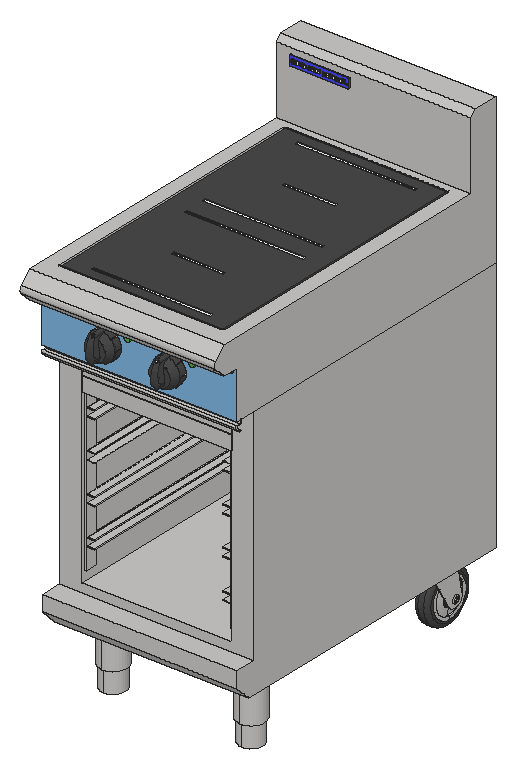
Revit family "QF_Moffat_IN512R5-CB_Induction_Cooktop_cat", category Specialty Equipment, Revit 2019
Family settings
  Round Connector Dimension = Use Diameter
  Part Type = Normal
  Work Plane-Based = No
  Always vertical = Yes
  Cut with Voids When Loaded = No
  Shared = No
  Room Calculation Point = No
Parameters (values of type "IN512R5-CB")
  Weight in Kilograms = 88
  Watts = 5810 W
  Volts = 415 V
  URL Cutsheet = ""
  Specification by User = ""
  Specification by Manufacturer = ""
  Show Logo [instance] = yes
  Show Legs [instance] = not(Show Castors)  # no
  Show Castors [instance] = yes
  Serial Number = ""
  Seismic Rating = ""
  SMACNA No = ""
  Revision Code = ""
  Phase = 3
  Number of Poles = 1
  NAFEM Spec ID Number = ""
  Model = "IN512R5-CB"
  Min Ckt Ampacity = 0 A
  Max Overcurrent Protection = 0 A
  Masterspec = ""
  Manufacturer = "Moffat"
  Length = 450 mm
  Item Number = ""
  Installed By = ""
  Identify Quantity as Lot = yes
  Height = 1085 mm
  HP = ""
  Furnished By = ""
  Foodservice Equipment Identifier = yes
  FL Amps = 14 A
  Electrical Remarks = ""
  Electric Connection Type = ""
  Elec Conn RI Height = 0 mm
  Elec Conn Connection Height = 0 mm
  Description = "Induction Cooktop"
  Depth = 812.2 mm
  Cycle = 60 Hz
  Conn Plug = ""
  Conn Conduit = yes
  CSI MasterFormat = ""
  Apparent Power = if(Phase = 3, Volts * FL Amps * 1.73, Volts * FL Amps)  # 10051.3 VA
Reference planes
  plane 1 "BACK": y = 0
  plane 2: z = 0
  plane 3 "LEFT": x = 0
  plane 4 "RIGHT": x = 450
  plane 5 "FRONT": y = -812.2
  plane 6 "TOP": z = 1085
  plane 7 "Center Y": x = 225
  plane 8 "Center X": y = -406.1
  plane 9: x = 65.5
  plane 10: x = 384.5
  plane 11: y = -30
  plane 12: x = 320
  plane 13: z = 635
  plane 14: y = -100
  plane 15: y = -625
  plane 16: z = 150
Forms (mm)
  Extrusion 1, solid, material "QF_Metal_Stainless_Polished"
    sketch origin (0, 0, 560) x (0, 1, 0) y (0, 0, 1)
      loop
        line (0, 180) -> (0, 525) -> (-57, 525) -> (-70, 512) -> (-70, 354.5) -> (-784.171, 354.5) -> (-808.685, 329.985)
        arc (-808.685, 329.985) -> (-812.2, 321.5) -> (-808.685, 313.015) r 12
        line (-808.685, 313.015) -> (-785.171, 289.5) -> (-749, 289.5) -> (-749, 180) -> (0, 180)
    from 0 to 450
  Extrusion 2, void
    sketch origin (0, -784.171, 914.5) x (0, 1, 0) y (-1, 0, 0)
      loop
        arc (696.671, -39.5) -> (694.913, -35.257) -> (690.671, -33.5) r 6
        line (690.671, -33.5) -> (44.671, -33.5)
        arc (44.671, -33.5) -> (40.428, -35.257) -> (38.671, -39.5) r 6
        line (38.671, -39.5) -> (38.671, -410.5)
        arc (38.671, -410.5) -> (40.428, -414.743) -> (44.671, -416.5) r 6
        line (44.671, -416.5) -> (690.671, -416.5)
        arc (690.671, -416.5) -> (694.913, -414.743) -> (696.671, -410.5) r 6
        line (696.671, -410.5) -> (696.671, -39.5)
    from 0 to -9.5
  Extrusion 3, solid, material "QF_Plastic_White_Smooth"
    sketch origin (0, -784.171, 905) x (0, 1, 0) y (-1, 0, 0)
      loop
        line (660.921, -362.5) -> (666.921, -362.5) -> (666.921, -87.5) -> (660.921, -87.5) -> (660.921, -362.5)
      loop
        line (532.421, -165) -> (526.421, -165) -> (526.421, -285) -> (532.421, -285) -> (532.421, -165)
      loop
        line (397.921, -87.5) -> (391.921, -87.5) -> (391.921, -362.5) -> (397.921, -362.5) -> (397.921, -87.5)
      loop
        line (337.421, -362.5) -> (343.421, -362.5) -> (343.421, -87.5) -> (337.421, -87.5) -> (337.421, -362.5)
      loop
        line (208.921, -165) -> (202.921, -165) -> (202.921, -285) -> (208.921, -285) -> (208.921, -165)
      loop
        line (68.421, -362.5) -> (74.421, -362.5) -> (74.421, -87.5) -> (68.421, -87.5) -> (68.421, -362.5)
    from 0 to 9.5
  Extrusion 4, solid, material "QF_Plastic_Black_Smooth"
    sketch origin (0, -784.171, 914.5) x (0, 1, 0) y (-1, 0, 0)
      loop
        line (692.671, -410.5) -> (692.671, -39.5)
        arc (692.671, -39.5) -> (692.085, -38.086) -> (690.671, -37.5) r 2
        line (690.671, -37.5) -> (44.671, -37.5)
        arc (44.671, -37.5) -> (43.256, -38.086) -> (42.671, -39.5) r 2
        line (42.671, -39.5) -> (42.671, -410.5)
        arc (42.671, -410.5) -> (43.256, -411.914) -> (44.671, -412.5) r 2
        line (44.671, -412.5) -> (690.671, -412.5)
        arc (690.671, -412.5) -> (692.085, -411.914) -> (692.671, -410.5) r 2
      loop
        line (666.921, -362.5) -> (666.921, -87.5) -> (660.921, -87.5) -> (660.921, -362.5) -> (666.921, -362.5)
      loop
        line (532.421, -285) -> (532.421, -165) -> (526.421, -165) -> (526.421, -285) -> (532.421, -285)
      loop
        line (391.921, -87.5) -> (391.921, -362.5) -> (397.921, -362.5) -> (397.921, -87.5) -> (391.921, -87.5)
      loop
        line (343.421, -87.5) -> (337.421, -87.5) -> (337.421, -362.5) -> (343.421, -362.5) -> (343.421, -87.5)
      loop
        line (202.921, -285) -> (208.921, -285) -> (208.921, -165) -> (202.921, -165) -> (202.921, -285)
      loop
        line (68.421, -362.5) -> (74.421, -362.5) -> (74.421, -87.5) -> (68.421, -87.5) -> (68.421, -362.5)
    from 0 to -9.5
  Extrusion 5, solid, material "QF_Metal_Stainless_Polished"
    sketch origin (0, 0, 600) x (0, 1, 0) y (0, 0, 1)
      loop
        line (-737.8, 140) -> (-737.8, 130) -> (-747.305, 130)
        arc (-747.305, 130) -> (-750.276, 128.015) -> (-749.579, 124.511) r 3.215
        line (-749.579, 124.511) -> (-739.05, 113.982) -> (-737.919, 115.113) -> (-748.447, 125.642)
        arc (-748.447, 125.642) -> (-748.797, 127.403) -> (-747.305, 128.4) r 1.615
        line (-747.305, 128.4) -> (-736.2, 128.4) -> (-736.2, 140) -> (-737.8, 140)
    from 0 to 450
  Extrusion 6, solid, material "QF_Plastic_Black_Smooth"
    sketch origin (0, -749, 743.875) x (0, 0, 1) y (-1, 0, 0)
      loop
        circle (97.343, -13.157) r 5
      loop
        circle (97.343, -436.843) r 5
      loop
        circle (97.343, -150) r 5
      loop
        circle (97.343, -300) r 5
    from 0 to 1.6
  Extrusion 7, solid, material "QF_Metal_Stainless_Polished"
    sketch origin (0, -699, 640) x (0, 1, 0) y (1, 0, 0)
      loop
        circle (669, 320) r 6.35
    from 0 to 1.6
  Extrusion 8, solid, material "QF_Metal_Stainless_Polished"
    sketch origin (0, -699, 645) x (1, 0, 0) y (0, -1, 0)
      loop
        line (0, -699) -> (450, -699) -> (450, 0) -> (399.2, 0) -> (399.2, -25.4) -> (50.8, -25.4) -> (50.8, 0) -> (0, 0) -> (0, -699)
    from 5 to -95
  Extrusion 9, solid, material "QF_Metal_Stainless_Polished"
    sketch origin (50.8, -30, 645) x (0, 1, 0) y (0, 0, 1)
      loop
        line (-669, -5) -> (-643.6, -5) -> (-643.6, 27.7) -> (-669, 27.7) -> (-669, -5)
      loop
        line (-669, 28.7) -> (-643.6, 28.7) -> (-643.6, 61.4) -> (-669, 61.4) -> (-669, 28.7)
      loop
        line (-669, 62.4) -> (-643.6, 62.4) -> (-643.6, 95) -> (-669, 95) -> (-669, 62.4)
    from 0 to 348.4
  Revolve 10, solid, material "QF_Metal_Stainless_Polished"
    sketch origin (65.5, -4572, 255.2) x (0, 0, -1) y (0, -1, 0)
      loop
        line (255.2, -3974.5) -> (255.2, -3947) -> (105.2, -3947) -> (105.2, -3978.75) -> (205.2, -3978.75) -> (205.2, -3974.5) -> (255.2, -3974.5)
      axis (105.2, -3947) -> (255.2, -3947)
    angle from 0 to 360
  Revolve 11, solid, material "QF_Metal_Stainless_Polished"
    sketch origin (384.5, -4572, 255.2) x (0, 0, -1) y (0, 1, 0)
      loop
        line (255.2, 3974.5) -> (205.2, 3974.5) -> (205.2, 3978.75) -> (105.2, 3978.75) -> (105.2, 3947) -> (255.2, 3947) -> (255.2, 3974.5)
      axis (105.2, 3947) -> (255.2, 3947)
    angle from 0 to 360
  Extrusion 12, solid, material "QF_Metal_Stainless_Polished"
    sketch origin (0, 0, 0) x (0, 1, 0) y (0, 0, 1)
      loop
        line (-50.8, 150) -> (-50.8, 242.5) -> (-699, 242.5) -> (-699, 222.5) -> (-747.95, 222.5) -> (-747.95, 186) -> (-711.95, 150) -> (-50.8, 150)
    from 0 to 450
  Extrusion 13, solid, material "QF_Metal_Stainless_Polished"
    sketch origin (-6096, 120, 150) x (0, 1, 0) y (-1, 0, 0)
      loop
        line (-120, -6096) -> (-819, -6096) -> (-819, -6146.8) -> (-170.8, -6146.8) -> (-170.8, -6495.2) -> (-819, -6495.2) -> (-819, -6546) -> (-120, -6546) -> (-120, -6096)
    from 0 to 490
  Extrusion 14, solid, material "QF_Metal_Stainless_Polished"
    sketch origin (50.8, -50.8, 460) x (0, 0, 1) y (1, 0, 0)
      loop
        line (127.5, 25.4) -> (127.5, 6.4) -> (147.5, 6.4) -> (147.5, 25.4) -> (145.9, 25.4) -> (145.9, 8) -> (129.1, 8) -> (129.1, 25.4) -> (127.5, 25.4)
      loop
        line (37.5, 25.4) -> (37.5, 6.4) -> (57.5, 6.4) -> (57.5, 25.4) -> (55.9, 25.4) -> (55.9, 8) -> (39.1, 8) -> (39.1, 25.4) -> (37.5, 25.4)
      loop
        line (-52.5, 25.4) -> (-52.5, 6.4) -> (-32.5, 6.4) -> (-32.5, 25.4) -> (-34.1, 25.4) -> (-34.1, 8) -> (-50.9, 8) -> (-50.9, 25.4) -> (-52.5, 25.4)
      loop
        line (-142.5, 25.4) -> (-142.5, 6.4) -> (-122.5, 6.4) -> (-122.5, 25.4) -> (-124.1, 25.4) -> (-124.1, 8) -> (-140.9, 8) -> (-140.9, 25.4) -> (-142.5, 25.4)
    from 0 to -641.85
  Extrusion 15, solid, material "QF_Metal_Stainless_Polished"
    sketch origin (50.8, 44.437, 150) x (0, 1, 0) y (0, 0, 1)
      loop
        line (-95.237, 488.4) -> (-120.637, 488.4) -> (-120.637, 117.5) -> (-95.237, 117.5) -> (-95.237, 488.4)
      loop
        line (-709.687, 117.5) -> (-709.687, 490) -> (-737.087, 490) -> (-737.087, 117.5) -> (-709.687, 117.5)
    from 0 to 6.4
  Extrusion 16, solid, material "QF_Metal_Stainless_Polished"
    sketch origin (50.8, -50.8, 460) x (0, 0, 1) y (1, 0, 0)
      loop
        line (127.5, 323) -> (129.1, 323) -> (129.1, 340.4) -> (145.9, 340.4) -> (145.9, 323) -> (147.5, 323) -> (147.5, 342) -> (127.5, 342) -> (127.5, 323)
      loop
        line (37.5, 323) -> (39.1, 323) -> (39.1, 340.4) -> (55.9, 340.4) -> (55.9, 323) -> (57.5, 323) -> (57.5, 342) -> (37.5, 342) -> (37.5, 323)
      loop
        line (-52.5, 323) -> (-50.9, 323) -> (-50.9, 340.4) -> (-34.1, 340.4) -> (-34.1, 323) -> (-32.5, 323) -> (-32.5, 342) -> (-52.5, 342) -> (-52.5, 323)
      loop
        line (-142.5, 323) -> (-140.9, 323) -> (-140.9, 340.4) -> (-124.1, 340.4) -> (-124.1, 323) -> (-122.5, 323) -> (-122.5, 342) -> (-142.5, 342) -> (-142.5, 323)
    from 0 to -641.85
  Extrusion 17, solid, material "QF_Metal_Stainless_Polished"
    sketch origin (399.2, 44.437, 150) x (0, 1, 0) y (0, 0, -1)
      loop
        line (-95.237, -488.4) -> (-95.237, -117.5) -> (-120.637, -117.5) -> (-120.637, -488.4) -> (-95.237, -488.4)
      loop
        line (-709.687, -117.5) -> (-737.087, -117.5) -> (-737.087, -490) -> (-709.687, -490) -> (-709.687, -117.5)
    from 0 to 6.4
  Revolve 18, solid, material "QF_Metal_Stainless_Polished", visible <- "Show Legs"
    sketch origin (65.5, -4047, 255.2) x (0, 0, -1) y (0, -1, 0)
      loop
        line (255.2, -3974.5) -> (255.2, -3947) -> (105.2, -3947) -> (105.2, -3978.75) -> (205.2, -3978.75) -> (205.2, -3974.5) -> (255.2, -3974.5)
      axis (105.2, -3947) -> (255.2, -3947)
    angle from 0 to 360
  Revolve 19, solid, material "QF_Metal_Stainless_Polished", visible <- "Show Legs"
    sketch origin (384.5, -4047, 255.2) x (0, 0, -1) y (0, 1, 0)
      loop
        line (255.2, 3974.5) -> (205.2, 3974.5) -> (205.2, 3978.75) -> (105.2, 3978.75) -> (105.2, 3947) -> (255.2, 3947) -> (255.2, 3974.5)
      axis (105.2, 3947) -> (255.2, 3947)
    angle from 0 to 360
  Extrusion 20, solid, material "QF_Paint_Green"
    sketch origin (65.731, -749, 740) x (0, 0, 1) y (-1, 0, 0)
      loop
        circle (84.8, -282.5) r 7.15
    from 0 to 1.6
  Extrusion 21, solid, material "QF_Paint_Green"
    sketch origin (-84.269, -749, 740) x (0, 0, 1) y (-1, 0, 0)
      loop
        circle (84.8, -282.5) r 7.15
    from 0 to 1.6
Cuts and joins
  Extrusion 2 cuts Extrusion 1
  joined: Revolve 10, Revolve 11
  joined: Extrusion 8, Extrusion 12, Extrusion 13
Lines and regions (mm)
  symbolic lines
    curve 1: line (0, 0, 0) -> (450, 0, 0)
    curve 2: line (0, -812.2, 0) -> (0, 0, 0)
    curve 3: line (450, -812.2, 0) -> (0, -812.2, 0)
    curve 4: line (450, 0, 0) -> (450, -812.2, 0)
    curve 5: line (0, -784.171, 0) -> (450, -784.171, 0)
    curve 6: line (0, -57, 0) -> (450, -57, 0)
    curve 7: line (0, -70, 0) -> (450, -70, 0)
    curve 8: line (39.5, -87.5, 0) -> (410.5, -87.5, 0)
    curve 9: arc (410.5, -87.5, 0) -> (414.743, -89.257, 0) -> (416.5, -93.5, 0) r 6
    curve 10: line (416.5, -93.5, 0) -> (416.5, -739.5, 0)
    curve 11: arc (416.5, -739.5, 0) -> (414.743, -743.743, 0) -> (410.5, -745.5, 0) r 6
    curve 12: line (410.5, -745.5, 0) -> (39.5, -745.5, 0)
    curve 13: arc (39.5, -745.5, 0) -> (35.257, -743.743, 0) -> (33.5, -739.5, 0) r 6
    curve 14: line (33.5, -739.5, 0) -> (33.5, -93.5, 0)
    curve 15: arc (33.5, -93.5, 0) -> (35.257, -89.257, 0) -> (39.5, -87.5, 0) r 6
    curve 16: line (410.5, -91.5, 0) -> (39.5, -91.5, 0)
    curve 17: arc (39.5, -91.5, 0) -> (38.086, -92.086, 0) -> (37.5, -93.5, 0) r 2
    curve 18: line (37.5, -93.5, 0) -> (37.5, -739.5, 0)
    curve 19: arc (37.5, -739.5, 0) -> (38.086, -740.914, 0) -> (39.5, -741.5, 0) r 2
    curve 20: line (39.5, -741.5, 0) -> (410.5, -741.5, 0)
    curve 21: arc (410.5, -741.5, 0) -> (411.914, -740.914, 0) -> (412.5, -739.5, 0) r 2
    curve 22: line (412.5, -739.5, 0) -> (412.5, -93.5, 0)
    curve 23: arc (412.5, -93.5, 0) -> (411.914, -92.086, 0) -> (410.5, -91.5, 0) r 2
    curve 24: line (362.5, -123.25, 0) -> (87.5, -123.25, 0)
    curve 25: line (87.5, -123.25, 0) -> (87.5, -117.25, 0)
    curve 26: line (87.5, -117.25, 0) -> (362.5, -117.25, 0)
    curve 27: line (362.5, -117.25, 0) -> (362.5, -123.25, 0)
    curve 28: line (165, -251.75, 0) -> (285, -251.75, 0)
    curve 29: line (285, -251.75, 0) -> (285, -257.75, 0)
    curve 30: line (285, -257.75, 0) -> (165, -257.75, 0)
    curve 31: line (165, -257.75, 0) -> (165, -251.75, 0)
    curve 32: line (87.5, -386.25, 0) -> (362.5, -386.25, 0)
    curve 33: line (362.5, -386.25, 0) -> (362.5, -392.25, 0)
    curve 34: line (362.5, -392.25, 0) -> (87.5, -392.25, 0)
    curve 35: line (87.5, -392.25, 0) -> (87.5, -386.25, 0)
    curve 36: line (87.5, -440.75, 0) -> (362.5, -440.75, 0)
    curve 37: line (362.5, -440.75, 0) -> (362.5, -446.75, 0)
    curve 38: line (362.5, -446.75, 0) -> (87.5, -446.75, 0)
    curve 39: line (87.5, -446.75, 0) -> (87.5, -440.75, 0)
    curve 40: line (285, -581.25, 0) -> (165, -581.25, 0)
    curve 41: line (165, -581.25, 0) -> (165, -575.25, 0)
    curve 42: line (165, -575.25, 0) -> (285, -575.25, 0)
    curve 43: line (285, -575.25, 0) -> (285, -581.25, 0)
    curve 44: line (87.5, -709.75, 0) -> (362.5, -709.75, 0)
    curve 45: line (362.5, -709.75, 0) -> (362.5, -715.75, 0)
    curve 46: line (362.5, -715.75, 0) -> (87.5, -715.75, 0)
    curve 47: line (87.5, -715.75, 0) -> (87.5, -709.75, 0)
Dimensions and locks
  equal spacing: plane 3 "LEFT", plane 7 "Center Y", plane 4 "RIGHT"
  "Length": plane 3 "LEFT" to plane 4 "RIGHT"
  equal spacing: plane 5 "FRONT", plane 8 "Center X", plane 1 "BACK"
  "Depth": plane 5 "FRONT" to plane 1 "BACK"
  "Height": plane 6 "TOP" to level
  plane 9 to plane 10 = 319 mm
  plane 4 "RIGHT" to plane 3 "LEFT" = 450 mm
  plane 1 "BACK" to cut or joined group of Extrusion 1, Extrusion 2 = 70 mm
  plane 1 "BACK" to plane 5 "FRONT" = 812.2 mm
  plane 6 "TOP" to plane 2 = 1085 mm
  cut or joined group of Extrusion 1, Extrusion 2 to plane 2 = 914.5 mm
  locked: plane 12 to plane 4 "RIGHT" at 130
  plane 1 "BACK" to plane 11 = 30 mm
  plane 1 "BACK" to plane 14 to plane 15 = 100 mm, 525 mm
  plane 2 to plane 13 = 635 mm
  plane 16 to plane 2 = 150 mm
  aligned and locked: level to plane 2
Automatic sketch dimensions
  Extrusion 1 sketch curve to plane 6 "TOP" = 0 mm
  Extrusion 1 sketch curve to plane 1 "BACK" = 0 mm
  plane 11 to Extrusion 1 sketch curve = 27 mm
  Extrusion 1 sketch curve to plane 6 "TOP" = 13 mm
  Extrusion 1 sketch curve to Extrusion 1 sketch curve = 13 mm
  Extrusion 1 sketch curve to plane 5 "FRONT" = 63.2 mm
  Extrusion 1 sketch curve to plane 5 "FRONT" = 28.029 mm
  Extrusion 1 sketch curve to plane 5 "FRONT" = 27.029 mm
  Extrusion 1 sketch curve to plane 5 "FRONT" = 12 mm
  Extrusion 1 sketch curve to plane 5 "FRONT" = 3.515 mm  (x2)
  Extrusion 1 sketch curve to plane 6 "TOP" = 170.5 mm
  Extrusion 1 sketch curve to Extrusion 1 sketch curve = 24.515 mm
  Extrusion 1 sketch curve to Extrusion 1 sketch curve = 8.485 mm
  Extrusion 1 sketch curve to Extrusion 1 sketch curve = 32 mm
  Extrusion 1 sketch curve to plane 13 = 105 mm
  Extrusion 2 sketch curve to Extrusion 1 = 38.671 mm
  Extrusion 2 sketch curve to Extrusion 2 sketch curve = 6 mm  (x3)
  Extrusion 1 to Extrusion 2 sketch curve = 23.5 mm  (x2)
  Extrusion 1 to Extrusion 2 sketch curve = 33.5 mm
  Extrusion 1 to Extrusion 2 sketch curve = 39.5 mm
  Extrusion 4 sketch curve to Extrusion 1 = 42.671 mm
  Extrusion 4 sketch curve to Extrusion 4 sketch curve = 2 mm  (x3)
  Extrusion 1 to Extrusion 4 sketch curve = 23.5 mm  (x2)
  Extrusion 1 to Extrusion 4 sketch curve = 37.5 mm
  Extrusion 1 to Extrusion 4 sketch curve = 39.5 mm
  Extrusion 5 sketch curve to Extrusion 5 sketch curve = 0 mm  (x2)
  Extrusion 5 sketch curve to plane 5 "FRONT" = 62.621 mm
  Extrusion 5 sketch curve to Extrusion 5 sketch curve = 1.131 mm  (x3)
  Extrusion 5 sketch curve to Extrusion 5 sketch curve = 1.142 mm  (x2)
  Extrusion 5 sketch curve to Extrusion 5 sketch curve = 10.529 mm
  Extrusion 5 sketch curve to Extrusion 5 sketch curve = 9.505 mm
  Extrusion 5 sketch curve to Extrusion 5 sketch curve = 1.6 mm
  Extrusion 5 sketch curve to plane 13 = 78.982 mm
  Extrusion 5 sketch curve to Extrusion 5 sketch curve = 10 mm
  Extrusion 8 to Extrusion 7 sketch curve = 30 mm
  Extrusion 7 sketch curve to Extrusion 8 = 79.2 mm
  plane 1 "BACK" to Extrusion 8 sketch curve = 0 mm
  Extrusion 8 sketch curve to plane 3 "LEFT" = 0 mm
  Extrusion 8 sketch curve to plane 4 "RIGHT" = 0 mm
  plane 9 to Extrusion 8 sketch curve = 14.7 mm
  Extrusion 8 sketch curve to plane 10 = 14.7 mm
  plane 15 to Extrusion 8 sketch curve = 48.6 mm
  Extrusion 8 sketch curve to Extrusion 8 sketch curve = 25.4 mm  (x2)
  Extrusion 9 sketch curve to Extrusion 8 = 0 mm  (x8)
  Extrusion 8 to Extrusion 9 sketch curve = 32.7 mm
  Extrusion 9 sketch curve to Extrusion 9 sketch curve = 1 mm  (x2)
  Extrusion 9 sketch curve to Extrusion 9 sketch curve = 32.7 mm
  Revolve 10 sketch curve to plane 15 = 0 mm  (x2)
  Revolve 10 sketch curve to plane 16 = 0 mm
  Revolve 10 sketch curve to level = 0 mm  (x2)
  level to Revolve 10 sketch curve = 50 mm
  Revolve 10 sketch curve to Revolve 10 sketch curve = 27.5 mm
  Revolve 10 sketch curve to Revolve 10 sketch curve = 31.75 mm
  Revolve 10 sketch curve to Revolve 10 sketch curve = 25 mm
  Revolve 11 sketch curve to plane 15 = 0 mm  (x2)
  Revolve 11 sketch curve to plane 16 = 0 mm
  Revolve 11 sketch curve to level = 0 mm  (x2)
  level to Revolve 11 sketch curve = 50 mm
  Revolve 11 sketch curve to plane 15 = 27.5 mm
  Revolve 11 sketch curve to Revolve 11 sketch curve = 4.25 mm
  Revolve 11 sketch curve to Revolve 11 sketch curve = 25 mm
  Extrusion 12 sketch curve to plane 16 = 0 mm
  Extrusion 12 sketch curve to plane 5 "FRONT" = 64.25 mm
  Extrusion 12 sketch curve to Extrusion 12 sketch curve = 36 mm
  Extrusion 12 sketch curve to Extrusion 12 sketch curve = 48.95 mm
  plane 11 to Extrusion 12 sketch curve = 20.8 mm
  plane 16 to Extrusion 12 sketch curve = 36 mm
  Extrusion 12 sketch curve to Extrusion 12 sketch curve = 36.5 mm
  plane 16 to Extrusion 12 sketch curve = 92.5 mm
  Extrusion 13 sketch curve to plane 4 "RIGHT" = 0 mm
  Extrusion 13 sketch curve to plane 3 "LEFT" = 0 mm
  plane 1 "BACK" to Extrusion 13 sketch curve = 0 mm
  plane 11 to Extrusion 13 sketch curve = 20.8 mm
  Extrusion 13 sketch curve to plane 10 = 14.7 mm
  plane 15 to Extrusion 13 sketch curve = 74 mm  (x2)
  plane 9 to Extrusion 13 sketch curve = 14.7 mm
  Extrusion 15 to Extrusion 14 sketch curve = 0 mm  (x4)
  Extrusion 14 sketch curve to Extrusion 15 = 19 mm  (x4)
  Extrusion 15 to Extrusion 14 sketch curve = 50 mm
  Extrusion 14 sketch curve to Extrusion 14 sketch curve = 1.6 mm  (x8)
  Extrusion 14 sketch curve to Extrusion 15 = 1.6 mm  (x4)
  Extrusion 14 sketch curve to Extrusion 14 sketch curve = 16.8 mm  (x4)
  Extrusion 14 sketch curve to Extrusion 14 sketch curve = 70 mm  (x2)
  Extrusion 14 sketch curve to Extrusion 15 = 50.9 mm
  Extrusion 14 sketch curve to Extrusion 14 sketch curve = 17.4 mm  (x3)
  Extrusion 14 sketch curve to Extrusion 14 sketch curve = 0 mm
  Extrusion 13 to Extrusion 15 sketch curve = 0 mm
  Extrusion 15 sketch curve to Extrusion 13 = 0 mm
  Extrusion 15 sketch curve to Extrusion 13 = 25.4 mm
  Extrusion 13 to Extrusion 15 sketch curve = 33.75 mm
  Extrusion 13 to Extrusion 15 sketch curve = 6.35 mm
  Extrusion 13 to Extrusion 15 sketch curve = 1.6 mm
  Extrusion 13 to Extrusion 15 sketch curve = 117.5 mm  (x2)
  Extrusion 15 to Extrusion 16 sketch curve = 50 mm
  Extrusion 16 sketch curve to Extrusion 16 sketch curve = 1.6 mm  (x12)
  Extrusion 16 sketch curve to Extrusion 16 sketch curve = 16.8 mm  (x4)
  Extrusion 16 sketch curve to Extrusion 16 sketch curve = 70 mm  (x2)
  Extrusion 16 sketch curve to Extrusion 15 = 50.9 mm
  Extrusion 16 sketch curve to Extrusion 15 = 316.6 mm
  Extrusion 16 sketch curve to Extrusion 16 sketch curve = 0 mm  (x7)
  Extrusion 16 sketch curve to Extrusion 16 sketch curve = 17.4 mm  (x4)
  plane 15 to Extrusion 17 sketch curve = 67.65 mm
  Extrusion 17 sketch curve to plane 13 = 5 mm
  Extrusion 17 sketch curve to Extrusion 17 sketch curve = 27.4 mm
  Extrusion 17 sketch curve to plane 13 = 3.4 mm
  Extrusion 17 sketch curve to plane 14 = 23.8 mm
  plane 11 to Extrusion 17 sketch curve = 20.8 mm
  plane 16 to Extrusion 17 sketch curve = 117.5 mm  (x2)
  Revolve 18 sketch curve to plane 14 = 0 mm  (x2)
  Revolve 18 sketch curve to plane 16 = 0 mm
  Revolve 18 sketch curve to level = 0 mm  (x2)
  level to Revolve 18 sketch curve = 50 mm
  Revolve 18 sketch curve to Revolve 18 sketch curve = 27.5 mm
  Revolve 18 sketch curve to Revolve 18 sketch curve = 31.75 mm
  Revolve 18 sketch curve to Revolve 18 sketch curve = 25 mm
  Revolve 19 sketch curve to plane 14 = 0 mm  (x2)
  Revolve 19 sketch curve to plane 16 = 0 mm
  Revolve 19 sketch curve to level = 0 mm  (x2)
  level to Revolve 19 sketch curve = 50 mm
  Revolve 19 sketch curve to plane 14 = 27.5 mm
  Revolve 19 sketch curve to Revolve 19 sketch curve = 4.25 mm
  Revolve 19 sketch curve to Revolve 19 sketch curve = 25 mm
  Extrusion 1 to Extrusion 20 sketch curve = 24.7 mm
  Extrusion 1 to Extrusion 20 sketch curve = 101.769 mm
  Extrusion 1 to Extrusion 21 sketch curve = 24.7 mm
  Extrusion 1 to Extrusion 21 sketch curve = 198.231 mm
  Extrusion 1 to Extrusion 4 sketch curve = 53.25 mm
  Extrusion 4 sketch curve to Extrusion 4 sketch curve = 6 mm  (x6)
  Extrusion 4 sketch curve to Extrusion 4 sketch curve = 48 mm  (x4)
  Extrusion 4 sketch curve to Extrusion 4 sketch curve = 134.5 mm  (x3)
  Extrusion 4 sketch curve to Extrusion 4 sketch curve = 77.5 mm  (x2)
  Extrusion 4 sketch curve to Extrusion 4 sketch curve = 120 mm  (x2)
  Extrusion 1 to Extrusion 4 sketch curve = 87.5 mm  (x2)
  Extrusion 4 sketch curve to Extrusion 4 sketch curve = 54.5 mm
  Extrusion 4 sketch curve to Extrusion 4 sketch curve = 0 mm  (x2)
  Extrusion 4 sketch curve to Extrusion 4 sketch curve = 23.75 mm
  Extrusion 3 sketch curve to Extrusion 2 = 35.75 mm  (x2)
  Extrusion 3 sketch curve to Extrusion 3 sketch curve = 6 mm  (x6)
  Extrusion 3 sketch curve to Extrusion 2 = 54 mm  (x7)
  Extrusion 3 sketch curve to Extrusion 3 sketch curve = 128.5 mm  (x3)
  Extrusion 3 sketch curve to Extrusion 2 = 131.5 mm  (x2)
  Extrusion 3 sketch curve to Extrusion 3 sketch curve = 120 mm  (x2)
  Extrusion 3 sketch curve to Extrusion 3 sketch curve = 48.5 mm
  Extrusion 3 sketch curve to Extrusion 3 sketch curve = 0 mm
  curve 9 to curve 23 = 0 mm  (x2)
  curve 11 to curve 21 = 0 mm  (x2)
  curve 13 to curve 19 = 0 mm  (x2)
  curve 15 to curve 17 = 0 mm
  plane 1 "BACK" to curve 1 = 0 mm
  curve 1 to plane 3 "LEFT" = 0 mm
  curve 7 to plane 4 "RIGHT" = 0 mm
  plane 5 "FRONT" to curve 3 = 0 mm
  curve 14 to plane 14 = 6.5 mm
  plane 9 to curve 14 = 32 mm
  curve 14 to curve 18 = 4 mm
  curve 17 to curve 8 = 2 mm
  curve 19 to curve 20 = 2 mm
  curve 39 to plane 9 = 22 mm
  curve 26 to plane 9 = 22 mm
  curve 34 to plane 9 = 22 mm
  curve 44 to plane 9 = 22 mm
  curve 40 to plane 7 "Center Y" = 60 mm
  curve 31 to plane 7 "Center Y" = 60 mm
  plane 12 to curve 43 = 35 mm
  plane 12 to curve 30 = 35 mm
  plane 10 to curve 26 = 22 mm
  plane 10 to curve 46 = 22 mm
  plane 10 to curve 38 = 22 mm
  plane 10 to curve 32 = 22 mm
  curve 9 to plane 14 = 6.5 mm
  curve 9 to plane 10 = 26 mm
  curve 11 to curve 21 = 2 mm
  curve 12 to plane 5 "FRONT" = 66.7 mm
  curve 13 to curve 46 = 23.75 mm
  curve 45 to curve 45 = 6 mm
  curve 40 to plane 15 = 43.75 mm
  curve 40 to curve 41 = 6 mm
  curve 37 to plane 8 "Center X" = 40.65 mm
  curve 37 to curve 36 = 6 mm
  plane 8 "Center X" to curve 35 = 13.85 mm
  curve 33 to curve 33 = 6 mm
  plane 8 "Center X" to curve 31 = 148.35 mm
  curve 29 to curve 29 = 6 mm
  plane 14 to curve 24 = 23.25 mm
  curve 24 to curve 26 = 6 mm
  curve 2 to curve 5 = 28.029 mm
  curve 7 to plane 14 = 30 mm
  curve 7 to curve 6 = 13 mm
  Extrusion 1 to Extrusion 6 sketch curve = 8.282 mm  (x4)
  Extrusion 1 to Extrusion 6 sketch curve = 13.157 mm  (x2)
  Extrusion 6 sketch curve to Extrusion 6 sketch curve = 136.843 mm
  Extrusion 1 to Extrusion 6 sketch curve = 150 mm
  radius of Extrusion 7 sketch curve = 6.35 mm
  radius of Extrusion 20 sketch curve = 7.15 mm
  radius of Extrusion 21 sketch curve = 7.15 mm
  radius of Extrusion 6 sketch curve = 5 mm  (x4)
Nested families
  nested 1: "QF_LOGO_BLue Seal" at (32, -70, 1034.385), visible <- "Show Logo", type "QF_LOGO_BLue Seal"
  nested 2: "6 INCHES 02_CASTER" at (65.5, -100, 0), Show Casters <- "Show Castors", type "6 INCHES 02_CASTER"
    with Type Mark "", Specification by User "", Show Casters yes, Revision Code "", Item Number "", Installed By "", Identify Quantity as Lot yes, Furnished By "", Foodservice Equipment Identifier yes
  nested 3: "6 INCHES 02_CASTER" at (384.5, -100, 0), Show Casters <- "Show Castors", type "6 INCHES 02_CASTER"
    with Type Mark "", Specification by User "", Show Casters yes, Revision Code "", Item Number "", Installed By "", Identify Quantity as Lot yes, Furnished By "", Foodservice Equipment Identifier yes
  nested 4: "Knob" at (267.5, -739.5, 764.5), type "Knob"
  nested 5: "Knob" at (117.5, -739.5, 764.5), type "Knob"
Connectors
  electrical at (320, -30, 638.4), driven by "Volts", driven by "Watts"
    settings: on Extrusion 7, index 1, voltage 415 V, apparent load 5810 VA, apparent load phase1 0 VA, apparent load phase2 0 VA, apparent load phase3 0 VA, power factor 1, load classification "Other", number of poles 1, system type 30, power factor state 1, is connector primary yes, connector utility no, sub classification motor no, connector description "Electrical Connection"
Definition of nested family "QF_LOGO_BLue Seal"
  Parameters (values of type "QF_LOGO_BLue Seal")
    Weight in Pounds = 0
    URL Cutsheet = ""
    Specification by User = ""
    Specification by Manufacturer = ""
    Serial Number = ""
    Seismic Rating = ""
    SMACNA No = ""
    Revision Code = ""
    NAFEM Spec ID Number = ""
    Masterspec = ""
    Length = 138 mm
    Item Number = ""
    Installed By = ""
    Identify Quantity as Lot = yes
    Height = 23 mm
    Furnished By = ""
    Foodservice Equipment Identifier = yes
    Depth = 3.175 mm
    CSI MasterFormat = ""
  Reference planes
    plane 1 "BACK": y = 0
    plane 2: z = 0
    plane 3 "LEFT": x = 0
    plane 4 "RIGHT": x = 138
    plane 5 "FRONT": y = -3.175
    plane 6 "TOP": z = 23
    plane 7 "Center Y": x = 69
    plane 8 "Center X": y = -1.587
  Forms (mm)
    Extrusion 1, solid
      sketch origin (0, 0, 0) x (1, 0, 0) y (0, 0, 1)
        loop
          arc (2, 23) -> (0.586, 22.414) -> (0, 21) r 2
          line (0, 21) -> (0, 2)
          arc (0, 2) -> (0.586, 0.586) -> (2, 0) r 2
          line (2, 0) -> (136, 0)
          arc (136, 0) -> (137.414, 0.586) -> (138, 2) r 2
          line (138, 2) -> (138, 21)
          arc (138, 21) -> (137.414, 22.414) -> (136, 23) r 2
          line (136, 23) -> (2, 23)
        loop
          arc (16.625, 15.317) -> (15.943, 15.034) -> (15.66, 14.352) r 0.965
          line (15.66, 14.352) -> (15.66, 8.169)
          arc (15.66, 8.169) -> (15.953, 7.461) -> (16.66, 7.169) r 1
          line (16.66, 7.169) -> (27.958, 7.169)
          arc (27.958, 7.169) -> (29.995, 9.206) -> (27.958, 11.243) r 2.037
          arc (27.958, 11.243) -> (29.995, 13.28) -> (27.958, 15.317) r 2.037
          line (27.958, 15.317) -> (16.625, 15.317)
        loop
          line (21.163, 13.835) -> (21.163, 12.291) -> (23.596, 12.291)
          arc (23.596, 12.291) -> (24.368, 13.063) -> (23.596, 13.835) r 0.772
          line (23.596, 13.835) -> (21.163, 13.835)
        loop
          line (21.163, 8.544) -> (23.596, 8.544)
          arc (23.596, 8.544) -> (24.368, 9.316) -> (23.596, 10.089) r 0.772
          line (23.596, 10.089) -> (21.163, 10.089) -> (21.163, 8.544)
        loop
          arc (32.475, 15.317) -> (31.768, 15.024) -> (31.475, 14.317) r 1
          line (31.475, 14.317) -> (31.475, 8.169)
          arc (31.475, 8.169) -> (31.768, 7.461) -> (32.475, 7.169) r 1
          line (32.475, 7.169) -> (41.849, 7.169)
          arc (41.849, 7.169) -> (42.859, 8.178) -> (41.849, 9.188) r 1.01
          line (41.849, 9.188) -> (37.262, 9.188) -> (37.262, 14.317)
          arc (37.262, 14.317) -> (36.969, 15.024) -> (36.262, 15.317) r 1
          line (36.262, 15.317) -> (32.475, 15.317)
        loop
          arc (44.648, 15.317) -> (43.941, 15.024) -> (43.648, 14.317) r 1
          line (43.648, 14.317) -> (43.648, 9.124)
          arc (43.648, 9.124) -> (44.221, 7.741) -> (45.604, 7.169) r 1.956
          line (45.604, 7.169) -> (55.306, 7.169)
          arc (55.306, 7.169) -> (56.749, 7.766) -> (57.347, 9.209) r 2.04
          line (57.347, 9.209) -> (57.347, 14.358)
          arc (57.347, 14.358) -> (57.066, 15.036) -> (56.388, 15.317) r 0.959
          line (56.388, 15.317) -> (52.676, 15.317)
          arc (52.676, 15.317) -> (51.968, 15.024) -> (51.676, 14.317) r 1
          line (51.676, 14.317) -> (51.676, 10.17)
          arc (51.676, 10.17) -> (50.529, 9.024) -> (49.383, 10.17) r 1.146
          line (49.383, 10.17) -> (49.383, 14.317)
          arc (49.383, 14.317) -> (49.09, 15.024) -> (48.383, 15.317) r 1
          line (48.383, 15.317) -> (44.648, 15.317)
        loop
          arc (60.035, 15.317) -> (59.328, 15.024) -> (59.035, 14.317) r 1
          line (59.035, 14.317) -> (59.035, 8.169)
          arc (59.035, 8.169) -> (59.328, 7.461) -> (60.035, 7.169) r 1
          line (60.035, 7.169) -> (69.845, 7.169)
          arc (69.845, 7.169) -> (70.828, 8.152) -> (69.845, 9.135) r 0.983
          line (69.845, 9.135) -> (65.06, 9.135) -> (65.06, 10.415) -> (69.988, 10.415)
          arc (69.988, 10.415) -> (70.828, 11.255) -> (69.988, 12.095) r 0.84
          line (69.988, 12.095) -> (65.06, 12.095) -> (65.06, 13.215) -> (69.777, 13.215)
          arc (69.777, 13.215) -> (70.828, 14.266) -> (69.777, 15.317) r 1.051
          line (69.777, 15.317) -> (60.035, 15.317)
        loop
          line (77.315, 14.317) -> (77.315, 11.634)
          arc (77.315, 11.634) -> (77.608, 10.927) -> (78.315, 10.634) r 1
          line (78.315, 10.634) -> (85.957, 10.634) -> (85.957, 8.756) -> (82.871, 8.756) -> (82.871, 9.708) -> (77.315, 9.708) -> (77.315, 8.169)
          arc (77.315, 8.169) -> (77.608, 7.461) -> (78.315, 7.169) r 1
          line (78.315, 7.169) -> (90.614, 7.169)
          arc (90.614, 7.169) -> (91.321, 7.461) -> (91.614, 8.169) r 1
          line (91.614, 8.169) -> (91.614, 11.073)
          arc (91.614, 11.073) -> (91.322, 11.778) -> (90.617, 12.07) r 0.996
          line (90.617, 12.07) -> (82.871, 12.07) -> (82.871, 13.786) -> (85.957, 13.786) -> (85.957, 12.856) -> (91.614, 12.856) -> (91.614, 14.317)
          arc (91.614, 14.317) -> (91.321, 15.024) -> (90.614, 15.317) r 1
          line (90.614, 15.317) -> (78.315, 15.317)
          arc (78.315, 15.317) -> (77.608, 15.024) -> (77.315, 14.317) r 1
        loop
          arc (107.404, 15.317) -> (106.697, 15.024) -> (106.404, 14.317) r 1
          line (106.404, 14.317) -> (106.404, 8.169)
          arc (106.404, 8.169) -> (106.697, 7.461) -> (107.404, 7.169) r 1
          line (107.404, 7.169) -> (111.34, 7.169)
          arc (111.34, 7.169) -> (112.047, 7.461) -> (112.34, 8.169) r 1
          line (112.34, 8.169) -> (112.34, 9.135) -> (115.1, 9.135) -> (115.1, 8.169)
          arc (115.1, 8.169) -> (115.393, 7.461) -> (116.1, 7.169) r 1
          line (116.1, 7.169) -> (119.975, 7.169)
          arc (119.975, 7.169) -> (120.682, 7.461) -> (120.975, 8.169) r 1
          line (120.975, 8.169) -> (120.975, 14.317)
          arc (120.975, 14.317) -> (120.682, 15.024) -> (119.975, 15.317) r 1
          line (119.975, 15.317) -> (107.404, 15.317)
        loop
          arc (94.016, 15.317) -> (93.309, 15.024) -> (93.016, 14.317) r 1
          line (93.016, 14.317) -> (93.016, 8.169)
          arc (93.016, 8.169) -> (93.309, 7.461) -> (94.016, 7.169) r 1
          line (94.016, 7.169) -> (103.826, 7.169)
          arc (103.826, 7.169) -> (104.809, 8.152) -> (103.826, 9.135) r 0.983
          line (103.826, 9.135) -> (99.041, 9.135) -> (99.041, 10.415) -> (103.969, 10.415)
          arc (103.969, 10.415) -> (104.809, 11.255) -> (103.969, 12.095) r 0.84
          line (103.969, 12.095) -> (99.041, 12.095) -> (99.041, 13.215) -> (103.759, 13.215)
          arc (103.759, 13.215) -> (104.809, 14.266) -> (103.759, 15.317) r 1.051
          line (103.759, 15.317) -> (94.016, 15.317)
        loop
          line (112.34, 11.583) -> (115.1, 11.583) -> (115.1, 12.915)
          arc (115.1, 12.915) -> (114.954, 13.268) -> (114.6, 13.415) r 0.5
          line (114.6, 13.415) -> (112.84, 13.415)
          arc (112.84, 13.415) -> (112.487, 13.268) -> (112.34, 12.915) r 0.5
          line (112.34, 12.915) -> (112.34, 11.583)
        loop
          arc (123.692, 15.317) -> (122.985, 15.024) -> (122.692, 14.317) r 1
          line (122.692, 14.317) -> (122.692, 8.169)
          arc (122.692, 8.169) -> (122.985, 7.461) -> (123.692, 7.169) r 1
          line (123.692, 7.169) -> (133.067, 7.169)
          arc (133.067, 7.169) -> (134.076, 8.178) -> (133.067, 9.188) r 1.01
          line (133.067, 9.188) -> (128.479, 9.188) -> (128.479, 14.317)
          arc (128.479, 14.317) -> (128.186, 15.024) -> (127.479, 15.317) r 1
          line (127.479, 15.317) -> (123.692, 15.317)
        loop
          circle (8.135, 11.2) r 4.581
      from 0 to 3.2
    Extrusion 2, solid
      sketch origin (0, 0, 0) x (1, 0, 0) y (0, 0, 1)
        loop
          circle (8.135, 11.2) r 4.581
        loop
          line (8.289, 15.169) -> (8.289, 7.231)
          arc (8.289, 7.231) -> (12.08, 11.2) -> (8.289, 15.169) r 3.973
        loop
          arc (16.625, 15.317) -> (15.943, 15.034) -> (15.66, 14.352) r 0.965
          line (15.66, 14.352) -> (15.66, 8.169)
          arc (15.66, 8.169) -> (15.953, 7.461) -> (16.66, 7.169) r 1
          line (16.66, 7.169) -> (27.958, 7.169)
          arc (27.958, 7.169) -> (29.995, 9.206) -> (27.958, 11.243) r 2.037
          arc (27.958, 11.243) -> (29.995, 13.28) -> (27.958, 15.317) r 2.037
          line (27.958, 15.317) -> (16.625, 15.317)
        loop
          line (21.163, 12.291) -> (23.596, 12.291)
          arc (23.596, 12.291) -> (24.368, 13.063) -> (23.596, 13.835) r 0.772
          line (23.596, 13.835) -> (21.163, 13.835) -> (21.163, 12.291)
        loop
          line (23.596, 10.089) -> (21.163, 10.089) -> (21.163, 8.544) -> (23.596, 8.544)
          arc (23.596, 8.544) -> (24.368, 9.316) -> (23.596, 10.089) r 0.772
        loop
          arc (37.262, 14.317) -> (36.969, 15.024) -> (36.262, 15.317) r 1
          line (36.262, 15.317) -> (32.475, 15.317)
          arc (32.475, 15.317) -> (31.768, 15.024) -> (31.475, 14.317) r 1
          line (31.475, 14.317) -> (31.475, 8.169)
          arc (31.475, 8.169) -> (31.768, 7.461) -> (32.475, 7.169) r 1
          line (32.475, 7.169) -> (41.849, 7.169)
          arc (41.849, 7.169) -> (42.859, 8.178) -> (41.849, 9.188) r 1.01
          line (41.849, 9.188) -> (37.262, 9.188) -> (37.262, 14.317)
        loop
          arc (43.648, 9.124) -> (44.221, 7.741) -> (45.604, 7.169) r 1.956
          line (45.604, 7.169) -> (55.306, 7.169)
          arc (55.306, 7.169) -> (56.749, 7.766) -> (57.347, 9.209) r 2.04
          line (57.347, 9.209) -> (57.347, 14.358)
          arc (57.347, 14.358) -> (57.066, 15.036) -> (56.388, 15.317) r 0.959
          line (56.388, 15.317) -> (52.676, 15.317)
          arc (52.676, 15.317) -> (51.968, 15.024) -> (51.676, 14.317) r 1
          line (51.676, 14.317) -> (51.676, 10.17)
          arc (51.676, 10.17) -> (50.529, 9.024) -> (49.383, 10.17) r 1.146
          line (49.383, 10.17) -> (49.383, 14.317)
          arc (49.383, 14.317) -> (49.09, 15.024) -> (48.383, 15.317) r 1
          line (48.383, 15.317) -> (44.648, 15.317)
          arc (44.648, 15.317) -> (43.941, 15.024) -> (43.648, 14.317) r 1
          line (43.648, 14.317) -> (43.648, 9.124)
        loop
          arc (69.777, 13.215) -> (70.828, 14.266) -> (69.777, 15.317) r 1.051
          line (69.777, 15.317) -> (60.035, 15.317)
          arc (60.035, 15.317) -> (59.328, 15.024) -> (59.035, 14.317) r 1
          line (59.035, 14.317) -> (59.035, 8.169)
          arc (59.035, 8.169) -> (59.328, 7.461) -> (60.035, 7.169) r 1
          line (60.035, 7.169) -> (69.845, 7.169)
          arc (69.845, 7.169) -> (70.828, 8.152) -> (69.845, 9.135) r 0.983
          line (69.845, 9.135) -> (65.06, 9.135) -> (65.06, 10.415) -> (69.988, 10.415)
          arc (69.988, 10.415) -> (70.828, 11.255) -> (69.988, 12.095) r 0.84
          line (69.988, 12.095) -> (65.06, 12.095) -> (65.06, 13.215) -> (69.777, 13.215)
        loop
          line (82.871, 13.786) -> (85.957, 13.786) -> (85.957, 12.856) -> (91.614, 12.856) -> (91.614, 14.317)
          arc (91.614, 14.317) -> (91.321, 15.024) -> (90.614, 15.317) r 1
          line (90.614, 15.317) -> (78.315, 15.317)
          arc (78.315, 15.317) -> (77.608, 15.024) -> (77.315, 14.317) r 1
          line (77.315, 14.317) -> (77.315, 11.634)
          arc (77.315, 11.634) -> (77.608, 10.927) -> (78.315, 10.634) r 1
          line (78.315, 10.634) -> (85.957, 10.634) -> (85.957, 8.756) -> (82.871, 8.756) -> (82.871, 9.708) -> (77.315, 9.708) -> (77.315, 8.169)
          arc (77.315, 8.169) -> (77.608, 7.461) -> (78.315, 7.169) r 1
          line (78.315, 7.169) -> (90.614, 7.169)
          arc (90.614, 7.169) -> (91.321, 7.461) -> (91.614, 8.169) r 1
          line (91.614, 8.169) -> (91.614, 11.073)
          arc (91.614, 11.073) -> (91.322, 11.778) -> (90.617, 12.07) r 0.996
          line (90.617, 12.07) -> (82.871, 12.07) -> (82.871, 13.786)
        loop
          arc (103.759, 13.215) -> (104.809, 14.266) -> (103.759, 15.317) r 1.051
          line (103.759, 15.317) -> (94.016, 15.317)
          arc (94.016, 15.317) -> (93.309, 15.024) -> (93.016, 14.317) r 1
          line (93.016, 14.317) -> (93.016, 8.169)
          arc (93.016, 8.169) -> (93.309, 7.461) -> (94.016, 7.169) r 1
          line (94.016, 7.169) -> (103.826, 7.169)
          arc (103.826, 7.169) -> (104.809, 8.152) -> (103.826, 9.135) r 0.983
          line (103.826, 9.135) -> (99.041, 9.135) -> (99.041, 10.415) -> (103.969, 10.415)
          arc (103.969, 10.415) -> (104.809, 11.255) -> (103.969, 12.095) r 0.84
          line (103.969, 12.095) -> (99.041, 12.095) -> (99.041, 13.215) -> (103.759, 13.215)
        loop
          line (112.34, 12.915) -> (112.34, 11.583) -> (115.1, 11.583) -> (115.1, 12.915)
          arc (115.1, 12.915) -> (114.954, 13.268) -> (114.6, 13.415) r 0.5
          line (114.6, 13.415) -> (112.84, 13.415)
          arc (112.84, 13.415) -> (112.487, 13.268) -> (112.34, 12.915) r 0.5
        loop
          arc (119.975, 7.169) -> (120.682, 7.461) -> (120.975, 8.169) r 1
          line (120.975, 8.169) -> (120.975, 14.317)
          arc (120.975, 14.317) -> (120.682, 15.024) -> (119.975, 15.317) r 1
          line (119.975, 15.317) -> (107.404, 15.317)
          arc (107.404, 15.317) -> (106.697, 15.024) -> (106.404, 14.317) r 1
          line (106.404, 14.317) -> (106.404, 8.169)
          arc (106.404, 8.169) -> (106.697, 7.461) -> (107.404, 7.169) r 1
          line (107.404, 7.169) -> (111.34, 7.169)
          arc (111.34, 7.169) -> (112.047, 7.461) -> (112.34, 8.169) r 1
          line (112.34, 8.169) -> (112.34, 9.135) -> (115.1, 9.135) -> (115.1, 8.169)
          arc (115.1, 8.169) -> (115.393, 7.461) -> (116.1, 7.169) r 1
          line (116.1, 7.169) -> (119.975, 7.169)
        loop
          arc (122.692, 8.169) -> (122.985, 7.461) -> (123.692, 7.169) r 1
          line (123.692, 7.169) -> (133.067, 7.169)
          arc (133.067, 7.169) -> (134.076, 8.178) -> (133.067, 9.188) r 1.01
          line (133.067, 9.188) -> (128.479, 9.188) -> (128.479, 14.317)
          arc (128.479, 14.317) -> (128.186, 15.024) -> (127.479, 15.317) r 1
          line (127.479, 15.317) -> (123.692, 15.317)
          arc (123.692, 15.317) -> (122.985, 15.024) -> (122.692, 14.317) r 1
          line (122.692, 14.317) -> (122.692, 8.169)
        loop
          line (8.019, 7.227) -> (8.019, 15.172)
          arc (8.019, 15.172) -> (4.133, 11.2) -> (8.019, 7.227) r 3.973
      from 0 to 3.2
    Extrusion 3, solid
      sketch origin (0, 0, 0) x (1, 0, 0) y (0, 0, 1)
        loop
          line (8.289, 15.169) -> (8.289, 7.231)
          arc (8.289, 7.231) -> (12.08, 11.2) -> (8.289, 15.169) r 3.973
      from 0 to 3.2
    Extrusion 4, solid
      sketch origin (16.271, 0, 0) x (-1, 0, 0) y (0, 0, -1)
        loop
          arc (8.252, -15.172) -> (12.138, -11.2) -> (8.252, -7.227) r 3.973
          line (8.252, -7.227) -> (8.252, -15.172)
      from 0 to 3.2
  Dimensions and locks
    equal spacing: plane 3 "LEFT", plane 7 "Center Y", plane 4 "RIGHT"
    "Length": plane 3 "LEFT" to plane 4 "RIGHT"
    equal spacing: plane 5 "FRONT", plane 8 "Center X", plane 1 "BACK"
    "Depth": plane 5 "FRONT" to plane 1 "BACK"
    "Height": plane 6 "TOP" to level
    plane 4 "RIGHT" to plane 3 "LEFT" = 138 mm
    aligned and locked: level to plane 2
  Automatic sketch dimensions
    Extrusion 1 sketch curve to Extrusion 1 sketch curve = 0 mm  (x12)
    Extrusion 1 sketch curve to plane 3 "LEFT" = 0 mm
    Extrusion 1 sketch curve to level = 0 mm
    Extrusion 1 sketch curve to plane 6 "TOP" = 0 mm
    plane 4 "RIGHT" to Extrusion 1 sketch curve = 0 mm
    plane 3 "LEFT" to Extrusion 1 sketch curve = 2 mm
    Extrusion 1 sketch curve to Extrusion 1 sketch curve = 2 mm
    plane 3 "LEFT" to Extrusion 1 sketch curve = 8.135 mm
    Extrusion 1 sketch curve to Extrusion 1 sketch curve = 7.524 mm
    Extrusion 1 sketch curve to Extrusion 1 sketch curve = 0.965 mm
    Extrusion 1 sketch curve to Extrusion 1 sketch curve = 1 mm  (x22)
    Extrusion 1 sketch curve to Extrusion 1 sketch curve = 4.503 mm
    Extrusion 1 sketch curve to Extrusion 1 sketch curve = 2.434 mm  (x2)
    Extrusion 1 sketch curve to Extrusion 1 sketch curve = 4.362 mm
    Extrusion 1 sketch curve to Extrusion 1 sketch curve = 3.517 mm
    Extrusion 1 sketch curve to Extrusion 1 sketch curve = 3.787 mm  (x2)
    Extrusion 1 sketch curve to Extrusion 1 sketch curve = 4.787 mm
    Extrusion 1 sketch curve to Extrusion 1 sketch curve = 4.588 mm
    Extrusion 1 sketch curve to Extrusion 1 sketch curve = 1.798 mm
    Extrusion 1 sketch curve to Extrusion 1 sketch curve = 1.956 mm  (x2)
    Extrusion 1 sketch curve to Extrusion 1 sketch curve = 3.735 mm
    Extrusion 1 sketch curve to Extrusion 1 sketch curve = 3.779 mm
    Extrusion 1 sketch curve to Extrusion 1 sketch curve = 1.146 mm
    Extrusion 1 sketch curve to Extrusion 1 sketch curve = 3.631 mm
    Extrusion 1 sketch curve to Extrusion 1 sketch curve = 3.713 mm
    Extrusion 1 sketch curve to Extrusion 1 sketch curve = 0.959 mm
    Extrusion 1 sketch curve to Extrusion 1 sketch curve = 1.688 mm
    Extrusion 1 sketch curve to plane 7 "Center Y" = 3.94 mm
    plane 7 "Center Y" to Extrusion 1 sketch curve = 0.777 mm
    plane 7 "Center Y" to Extrusion 1 sketch curve = 0.845 mm
    plane 7 "Center Y" to Extrusion 1 sketch curve = 0.988 mm
    Extrusion 1 sketch curve to Extrusion 1 sketch curve = 7.327 mm
    Extrusion 1 sketch curve to Extrusion 1 sketch curve = 4.556 mm
    Extrusion 1 sketch curve to Extrusion 1 sketch curve = 3.087 mm
    Extrusion 1 sketch curve to Extrusion 1 sketch curve = 4.657 mm  (x2)
    Extrusion 1 sketch curve to Extrusion 1 sketch curve = 0.004 mm
    Extrusion 1 sketch curve to Extrusion 1 sketch curve = 0.996 mm  (x2)
    Extrusion 1 sketch curve to Extrusion 1 sketch curve = 1.402 mm
    Extrusion 1 sketch curve to Extrusion 1 sketch curve = 5.025 mm
    Extrusion 1 sketch curve to Extrusion 1 sketch curve = 4.717 mm
    Extrusion 1 sketch curve to Extrusion 1 sketch curve = 4.785 mm
    Extrusion 1 sketch curve to Extrusion 1 sketch curve = 0.211 mm
    Extrusion 1 sketch curve to Extrusion 1 sketch curve = 2.645 mm
    Extrusion 1 sketch curve to Extrusion 1 sketch curve = 3.936 mm
    Extrusion 1 sketch curve to Extrusion 1 sketch curve = 0.5 mm  (x2)
    Extrusion 1 sketch curve to Extrusion 1 sketch curve = 1.76 mm
    Extrusion 1 sketch curve to Extrusion 1 sketch curve = 2.76 mm
    Extrusion 1 sketch curve to Extrusion 1 sketch curve = 4.875 mm
    Extrusion 1 sketch curve to Extrusion 1 sketch curve = 3.875 mm
    Extrusion 1 sketch curve to Extrusion 1 sketch curve = 1.717 mm
    plane 4 "RIGHT" to Extrusion 1 sketch curve = 4.933 mm
    plane 4 "RIGHT" to Extrusion 1 sketch curve = 2 mm  (x2)
    level to Extrusion 1 sketch curve = 7.169 mm  (x5)
    Extrusion 1 sketch curve to Extrusion 1 sketch curve = 5.169 mm
    Extrusion 1 sketch curve to Extrusion 1 sketch curve = 0.983 mm  (x2)
    Extrusion 1 sketch curve to Extrusion 1 sketch curve = 1.01 mm  (x2)
    Extrusion 1 sketch curve to Extrusion 1 sketch curve = 0.376 mm
    Extrusion 1 sketch curve to Extrusion 1 sketch curve = 0.588 mm
    Extrusion 1 sketch curve to Extrusion 1 sketch curve = 0.966 mm
    Extrusion 1 sketch curve to Extrusion 1 sketch curve = 2.037 mm  (x2)
    Extrusion 1 sketch curve to Extrusion 1 sketch curve = 0.772 mm  (x2)
    Extrusion 1 sketch curve to Extrusion 1 sketch curve = 0.952 mm
    Extrusion 1 sketch curve to Extrusion 1 sketch curve = 1.046 mm
    Extrusion 1 sketch curve to Extrusion 1 sketch curve = 1.28 mm  (x2)
    Extrusion 1 sketch curve to Extrusion 1 sketch curve = 1.878 mm
    Extrusion 1 sketch curve to Extrusion 1 sketch curve = 2.905 mm
    Extrusion 1 sketch curve to Extrusion 1 sketch curve = 3.031 mm
    Extrusion 1 sketch curve to Extrusion 1 sketch curve = 0.84 mm  (x2)
    Extrusion 1 sketch curve to Extrusion 1 sketch curve = 2.448 mm
    Extrusion 1 sketch curve to Extrusion 1 sketch curve = 2.202 mm
    Extrusion 1 sketch curve to Extrusion 1 sketch curve = 0.786 mm
    Extrusion 1 sketch curve to Extrusion 1 sketch curve = 1.332 mm
    Extrusion 1 sketch curve to Extrusion 1 sketch curve = 1.12 mm  (x2)
    Extrusion 1 sketch curve to Extrusion 1 sketch curve = 1.716 mm
    Extrusion 1 sketch curve to Extrusion 1 sketch curve = 1.051 mm  (x2)
    Extrusion 1 sketch curve to Extrusion 1 sketch curve = 4.147 mm
    Extrusion 1 sketch curve to Extrusion 1 sketch curve = 5.129 mm
    Extrusion 1 sketch curve to Extrusion 1 sketch curve = 0.051 mm
    Extrusion 1 sketch curve to Extrusion 1 sketch curve = 1.037 mm
    Extrusion 1 sketch curve to Extrusion 1 sketch curve = 0.516 mm
    plane 3 "LEFT" to Extrusion 1 sketch curve = 3.555 mm
    Extrusion 2 sketch curve to Extrusion 2 sketch curve = 0 mm  (x16)
    plane 3 "LEFT" to Extrusion 2 sketch curve = 8.019 mm
    Extrusion 2 sketch curve to Extrusion 2 sketch curve = 0.088 mm
    Extrusion 2 sketch curve to Extrusion 2 sketch curve = 0.029 mm
    Extrusion 2 sketch curve to Extrusion 2 sketch curve = 0.27 mm
    Extrusion 2 sketch curve to Extrusion 2 sketch curve = 7.371 mm
    Extrusion 2 sketch curve to Extrusion 2 sketch curve = 0.965 mm
    Extrusion 2 sketch curve to Extrusion 2 sketch curve = 1 mm  (x24)
    Extrusion 2 sketch curve to Extrusion 2 sketch curve = 4.503 mm
    Extrusion 2 sketch curve to Extrusion 2 sketch curve = 2.434 mm
    Extrusion 2 sketch curve to Extrusion 2 sketch curve = 4.362 mm
    Extrusion 2 sketch curve to Extrusion 2 sketch curve = 3.517 mm
    Extrusion 2 sketch curve to Extrusion 2 sketch curve = 3.787 mm  (x2)
    Extrusion 2 sketch curve to Extrusion 2 sketch curve = 4.787 mm  (x2)
    Extrusion 2 sketch curve to Extrusion 2 sketch curve = 4.588 mm  (x2)
    Extrusion 2 sketch curve to Extrusion 2 sketch curve = 1.798 mm
    Extrusion 2 sketch curve to Extrusion 2 sketch curve = 1.956 mm
    Extrusion 2 sketch curve to Extrusion 2 sketch curve = 3.735 mm
    Extrusion 2 sketch curve to Extrusion 2 sketch curve = 1.146 mm
    Extrusion 2 sketch curve to Extrusion 2 sketch curve = 3.631 mm
    Extrusion 2 sketch curve to Extrusion 2 sketch curve = 3.713 mm
    Extrusion 2 sketch curve to Extrusion 2 sketch curve = 0.959 mm
    Extrusion 2 sketch curve to Extrusion 2 sketch curve = 1.688 mm
    Extrusion 2 sketch curve to plane 7 "Center Y" = 3.94 mm
    plane 7 "Center Y" to Extrusion 2 sketch curve = 0.777 mm
    plane 7 "Center Y" to Extrusion 2 sketch curve = 0.845 mm
    plane 7 "Center Y" to Extrusion 2 sketch curve = 0.988 mm
    Extrusion 2 sketch curve to Extrusion 2 sketch curve = 7.327 mm
    Extrusion 2 sketch curve to Extrusion 2 sketch curve = 4.556 mm
    Extrusion 2 sketch curve to Extrusion 2 sketch curve = 3.087 mm
    Extrusion 2 sketch curve to Extrusion 2 sketch curve = 4.657 mm  (x2)
    Extrusion 2 sketch curve to Extrusion 2 sketch curve = 0.004 mm
    Extrusion 2 sketch curve to Extrusion 2 sketch curve = 0.996 mm
    Extrusion 2 sketch curve to Extrusion 2 sketch curve = 1.402 mm
    Extrusion 2 sketch curve to Extrusion 2 sketch curve = 5.025 mm
    Extrusion 2 sketch curve to Extrusion 2 sketch curve = 4.717 mm
    Extrusion 2 sketch curve to Extrusion 2 sketch curve = 4.785 mm
    Extrusion 2 sketch curve to Extrusion 2 sketch curve = 0.211 mm
    Extrusion 2 sketch curve to Extrusion 2 sketch curve = 2.578 mm
    Extrusion 2 sketch curve to Extrusion 2 sketch curve = 3.936 mm
    Extrusion 2 sketch curve to Extrusion 2 sketch curve = 0.5 mm  (x2)
    Extrusion 2 sketch curve to Extrusion 2 sketch curve = 1.76 mm
    Extrusion 2 sketch curve to Extrusion 2 sketch curve = 2.76 mm
    Extrusion 2 sketch curve to Extrusion 2 sketch curve = 3.875 mm
    Extrusion 2 sketch curve to Extrusion 2 sketch curve = 4.875 mm
    Extrusion 2 sketch curve to Extrusion 2 sketch curve = 1.717 mm
    level to Extrusion 2 sketch curve = 7.169 mm  (x6)
    level to Extrusion 2 sketch curve = 7.227 mm
    Extrusion 2 sketch curve to Extrusion 2 sketch curve = 0.003 mm
    Extrusion 2 sketch curve to Extrusion 2 sketch curve = 0.983 mm  (x2)
    Extrusion 2 sketch curve to Extrusion 2 sketch curve = 1.01 mm  (x2)
    Extrusion 2 sketch curve to Extrusion 2 sketch curve = 1.376 mm
    Extrusion 2 sketch curve to Extrusion 2 sketch curve = 0.588 mm
    Extrusion 2 sketch curve to Extrusion 2 sketch curve = 0.966 mm
    Extrusion 2 sketch curve to Extrusion 2 sketch curve = 2.037 mm  (x2)
    Extrusion 2 sketch curve to Extrusion 2 sketch curve = 0.772 mm  (x2)
    Extrusion 2 sketch curve to Extrusion 2 sketch curve = 1.539 mm
    Extrusion 2 sketch curve to Extrusion 2 sketch curve = 0.961 mm
    Extrusion 2 sketch curve to Extrusion 2 sketch curve = 1.28 mm  (x2)
    Extrusion 2 sketch curve to Extrusion 2 sketch curve = 1.878 mm
    Extrusion 2 sketch curve to Extrusion 2 sketch curve = 2.905 mm
    Extrusion 2 sketch curve to Extrusion 2 sketch curve = 3.969 mm
    Extrusion 2 sketch curve to Extrusion 2 sketch curve = 0.84 mm  (x2)
    Extrusion 2 sketch curve to Extrusion 2 sketch curve = 2.448 mm
    Extrusion 2 sketch curve to Extrusion 2 sketch curve = 2.202 mm
    Extrusion 2 sketch curve to Extrusion 2 sketch curve = 2.222 mm
    Extrusion 2 sketch curve to Extrusion 2 sketch curve = 1.332 mm
    Extrusion 2 sketch curve to Extrusion 2 sketch curve = 1.12 mm  (x2)
    Extrusion 2 sketch curve to Extrusion 2 sketch curve = 0.929 mm
    Extrusion 2 sketch curve to Extrusion 2 sketch curve = 1.051 mm  (x2)
    Extrusion 2 sketch curve to Extrusion 2 sketch curve = 5.129 mm  (x2)
    Extrusion 2 sketch curve to Extrusion 2 sketch curve = 4.147 mm
    Extrusion 2 sketch curve to Extrusion 2 sketch curve = 0.516 mm
    plane 3 "LEFT" to Extrusion 2 sketch curve = 3.555 mm
    plane 3 "LEFT" to Extrusion 3 sketch curve = 8.107 mm
    Extrusion 3 sketch curve to Extrusion 3 sketch curve = 0.182 mm
    level to Extrusion 3 sketch curve = 7.231 mm
    Extrusion 3 sketch curve to Extrusion 3 sketch curve = 3.969 mm
    Extrusion 4 sketch curve to plane 3 "LEFT" = 8.107 mm
    Extrusion 4 sketch curve to Extrusion 4 sketch curve = 0.088 mm
    Extrusion 4 sketch curve to level = 7.227 mm
    Extrusion 4 sketch curve to Extrusion 4 sketch curve = 3.972 mm
Definition of nested family "6 INCHES 02_CASTER"
  Parameters (values of type "6 INCHES 02_CASTER")
    Weight = ""
    URL Manufacturer = ""
    URL Cutsheet = ""
    URL = ""
    Type Mark [instance] = ""
    Specification by User [instance] = ""
    Specification by Manufacturer = ""
    Show Casters [instance] = yes
    Serial Number = ""
    Seismic Rating = ""
    SMACNA No = ""
    Revision Code [instance] = ""
    Omniclass Number and Title = ""
    NAFEM Spec ID Number = ""
    Model = ""
    MasterSpec. = ""
    Manufacturer = ""
    Item Number [instance] = ""
    Installed By [instance] = ""
    Identify Quantity as Lot [instance] = yes
    Furnished By [instance] = ""
    Foodservice Equipment Identifier [instance] = yes
    Description = ""
    CSI MasterFormat = ""
    CSI Master Format = ""
  Reference planes
    plane 1 "BACK": y = 0
    plane 2: z = 0
    plane 3 "LEFT": x = 0
    plane 4 "RIGHT": x = 0
    plane 5 "FRONT": y = 0
    plane 6 "TOP": z = 150
